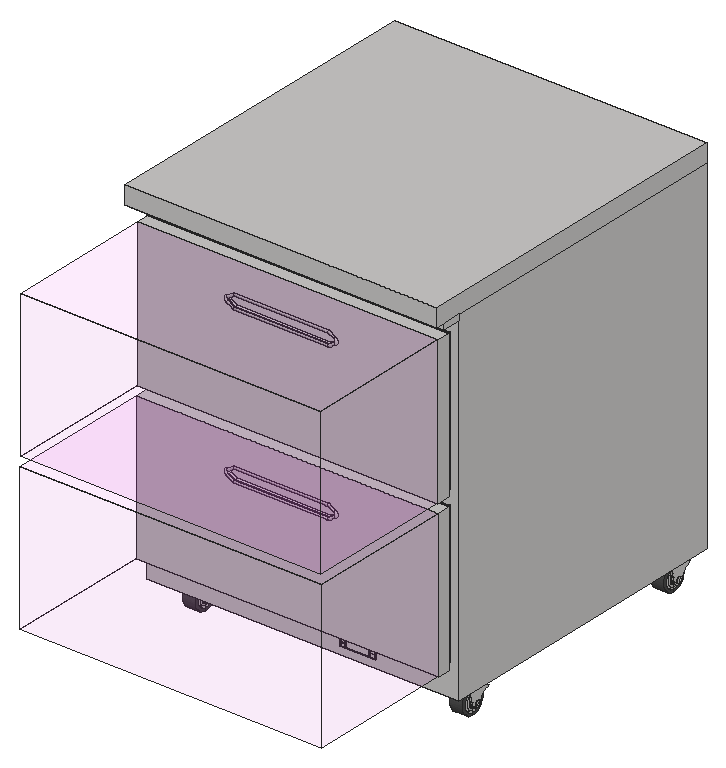
Revit family "QF_Kelvinator_738290_KCHUC27.2DR", category Specialty Equipment, Revit 2021
Family settings
  Round Connector Dimension = Use Diameter
  Part Type = Normal
  Work Plane-Based = No
  Always vertical = Yes
  Cut with Voids When Loaded = No
  Shared = No
  Room Calculation Point = No
Parameters
  Weight in Pounds = 176.37
  Weight = 80.00 lbm
  Watts = 0 W
  Volts = 115 V
  URL Manufacturer = "KELVINATOR"
  URL Cutsheet = ""
  URL = "KELVINATOR"
  Specification by User = ""
  Specification by Manufacturer = ""
  Serial Number = ""
  Seismic Rating = ""
  SMACNA No = ""
  Revision Code = ""
  Refrigerant Type = "R600a"
  Phase = 1
  Number of Poles = 1
  NAFEM Spec ID Number = ""
  Model = "KCHUC27.2DR"
  Min Ckt Ampacity = 0 A
  Max Overcurrent Protection = 0 A
  Masterspec = ""
  Manufacturer = "Kelvinator"
  Length Actual = 705"
  Length = 27 3/4"
  Item Number = "738290"
  Installed By = ""
  Identify Quantity as Lot = yes
  Height Actual = 902"
  Height = 35 1/2"
  HP = "0.2 HP"
  Gas KW = 0
  Furnished By = ""
  Foodservice Equipment Identifier = yes
  FL Amps = 1.5 A
  Electrical Remarks = ""
  Electric Connection Type = ""
  Elec Conn RI Height = 0"
  Elec Conn Connection Height = 0"
  Description = "2-DRAWER REFRIGERATED UNDER COUNTER 27\" LONG"
  Depth Actual = 760"
  Depth = 29 15/16"
  Default Elevation = 0"
  Cycle = 60 Hz
  Conn Plug = "5-15P"
  Conn Conduit = yes
  CSI MasterFormat = ""
  Apparent Power = 0 VA
  Accessory = no
Reference planes (in)
  plane 1 "BACK": y = 0
  plane 2: z = 0
  plane 3 "LEFT": x = 0
  plane 4 "RIGHT": x = 27.75
  plane 5 "FRONT": y = -29.9375
  plane 6 "TOP": z = 35.5
  plane 7 "Center Y": x = 13.875
  plane 8 "Center X": y = -14.96875
Dimensions and locks (in)
  equal spacing: plane 3 "LEFT", plane 7 "Center Y", plane 4 "RIGHT"
  "Length": plane 3 "LEFT" to plane 4 "RIGHT"
  equal spacing: plane 5 "FRONT", plane 8 "Center X", plane 1 "BACK"
  "Depth": plane 5 "FRONT" to plane 1 "BACK"
  "Height": plane 6 "TOP" to level
  aligned and locked: level to plane 2
Nested families (in)
  nested 1: "KCHST.0001" at (0, 0, 0), type "KCHST.0001"
    with Show Clearance yes
Connectors (in)
  electrical at (13.85, -0.87772, 2.33081), driven by "Volts", driven by "Watts"
    settings: on nested 1, index 1, voltage 115 V, apparent load 0 VA, apparent load phase1 0 VA, apparent load phase2 0 VA, apparent load phase3 0 VA, power factor 1, load classification "Other", number of poles 1, system type 30, power factor state 1, is connector primary yes, connector utility no, sub classification motor no, connector description ""
Definition of nested family "KCHST.0001"
  Parameters (values of type "KCHST.0001")
    Weight in Pounds = 0
    URL Cutsheet = ""
    Specification by User = ""
    Specification by Manufacturer = ""
    Show Clearance [instance] = yes
    Serial Number = ""
    Seismic Rating = ""
    SMACNA No = ""
    Revision Code = ""
    NAFEM Spec ID Number = ""
    Masterspec = ""
    Length = 27 3/4"
    Item Number = ""
    Installed By = ""
    Identify Quantity as Lot = yes
    Height = 35 1/2"
    Furnished By = ""
    Foodservice Equipment Identifier = yes
    Depth = 29 15/16"
    Default Elevation = 0"
    CSI MasterFormat = ""
  Reference planes (in)
    plane 1 "BACK": y = 0
    plane 2: z = 0
    plane 3 "LEFT": x = 0
    plane 4 "RIGHT": x = 27.75
    plane 5 "FRONT": y = -29.9375
    plane 6 "TOP": z = 35.5
    plane 7 "Center Y": x = 13.875
    plane 8 "Center X": y = -14.96875
    plane 9: z = 3.112
    plane 10: z = 33.912
    plane 11: y = -56
    plane 12: y = -29.2
    plane 13: z = 32.4
    plane 14: z = 5.6
    plane 15: y = -27.5
    plane 16: x = 25.75
    plane 17: x = 2
    plane 18: x = 27.25
    plane 19: x = 0.5
    plane 20: z = 19.4
    plane 21: z = 18.6
    plane 22: z = 19.6
  Forms (in)
    Extrusion 1, solid
      sketch origin (0, 0, 0) x (0, 1, 0) y (0, 0, 1)
        loop
          line (-27.5, 33.912) -> (-27.5, 3.112) -> (0, 3.112) -> (0, 33.912) -> (-27.5, 33.912)
      from 0 to 27.75
    Extrusion 2, solid
      sketch origin (0, 0, 0) x (0, 1, 0) y (0, 0, 1)
        loop
          line (-29.9375, 35.5) -> (-29.9375, 33.912) -> (0, 33.912) -> (0, 35.5) -> (-29.9375, 35.5)
      from 0 to 27.75
    Extrusion 3, solid
      sketch origin (0, 0, 0) x (0, 1, 0) y (0, 0, 1)
        loop
          line (-29.2, 33.912) -> (-29.2, 33.412) -> (-27.5, 33.412) -> (-27.5, 33.912) -> (-29.2, 33.912)
      from 0 to 27.75
    Extrusion 4, solid
      sketch origin (13.875, 6.90541, 48) x (0, 1, 0) y (0, 0, 1)
        loop
          line (-36.10541, -15.6) -> (-36.10541, -28.6) -> (-34.95211, -28.6) -> (-34.95211, -15.6) -> (-36.10541, -15.6)
      from 13.375 to -13.375
    Extrusion 5, solid
      sketch origin (0, 0, 0) x (0, 1, 0) y (0, 0, 1)
        loop
          line (-28.04671, 32.20449) -> (-28.04671, 19.6) -> (-27.79671, 19.6) -> (-27.79671, 32.20449) -> (-28.04671, 32.20449)
      from 0.74536 to 26.90213
    Extrusion 6, solid
      sketch origin (0, 0.25, 0) x (0, 1, 0) y (0, 0, 1)
        loop
          line (-28.04671, 32.20449) -> (-28.04671, 19.6) -> (-27.864, 19.6) -> (-27.864, 32.20449) -> (-28.04671, 32.20449)
      from 0.74536 to 26.90213
    Extrusion 7, solid
      sketch origin (0, 0.4327, 0) x (0, 1, 0) y (0, 0, 1)
        loop
          line (-28.04671, 32.20449) -> (-28.04671, 19.6) -> (-27.9327, 19.6) -> (-27.9327, 32.20449) -> (-28.04671, 32.20449)
      from 0.74536 to 26.90213
    Extrusion 8, solid
      sketch origin (-4.97957, -27.5, -4.77927) x (-1, 0, 0) y (0, 0, 1)
        loop
          line (-22.17533, 9.70772) -> (-25.32493, 9.70772) -> (-25.32493, 8.53862) -> (-22.17533, 8.53862) -> (-22.17533, 9.70772)
        loop
          line (-22.25407, 9.63107) -> (-22.64777, 9.63107) -> (-22.64777, 9.32393) -> (-22.25407, 9.32393) -> (-22.25407, 9.63107)
        loop
          line (-22.25407, 9.28874) -> (-22.64777, 9.28874) -> (-22.64777, 8.9696) -> (-22.25407, 8.9696) -> (-22.25407, 9.28874)
        loop
          line (-22.25407, 8.93441) -> (-22.64777, 8.93441) -> (-22.64777, 8.61527) -> (-22.25407, 8.61527) -> (-22.25407, 8.93441)
        loop
          line (-25.24619, 9.63107) -> (-25.24619, 9.32393) -> (-24.85249, 9.32393) -> (-24.85249, 9.63107) -> (-25.24619, 9.63107)
        loop
          line (-25.24619, 9.28874) -> (-25.24619, 8.9696) -> (-24.85249, 8.9696) -> (-24.85249, 9.28874) -> (-25.24619, 9.28874)
        loop
          line (-25.24619, 8.93441) -> (-25.24619, 8.61527) -> (-24.85249, 8.61527) -> (-24.85249, 8.93441) -> (-25.24619, 8.93441)
        loop
          line (-22.72525, 9.63107) -> (-24.77501, 9.63107) -> (-24.77501, 8.61916) -> (-22.72525, 8.61916) -> (-22.72525, 9.63107)
      from 0.07874 to -0.04602
    Extrusion 9, solid
      sketch origin (-4.97957, -27.54602, -4.77927) x (1, 0, 0) y (0, 0, 1)
        loop
          line (24.85249, 9.63107) -> (24.85249, 9.32393) -> (25.24619, 9.32393) -> (25.24619, 9.63107) -> (24.85249, 9.63107)
        loop
          line (24.85249, 9.28874) -> (24.85249, 8.9696) -> (25.24619, 8.9696) -> (25.24619, 9.28874) -> (24.85249, 9.28874)
        loop
          line (24.85249, 8.93441) -> (24.85249, 8.61527) -> (25.24619, 8.61527) -> (25.24619, 8.93441) -> (24.85249, 8.93441)
        loop
          line (22.64777, 9.63107) -> (22.25407, 9.63107) -> (22.25407, 9.32393) -> (22.64777, 9.32393) -> (22.64777, 9.63107)
        loop
          line (22.64777, 9.28874) -> (22.25407, 9.28874) -> (22.25407, 8.9696) -> (22.64777, 8.9696) -> (22.64777, 9.28874)
        loop
          line (22.64777, 8.93441) -> (22.25407, 8.93441) -> (22.25407, 8.61527) -> (22.64777, 8.61527) -> (22.64777, 8.93441)
      from 0 to -0.07874
    Extrusion 10, solid
      sketch origin (-4.97957, -27.54602, -4.77927) x (1, 0, 0) y (0, 0, 1)
        loop
          line (22.72525, 9.63107) -> (22.72525, 8.61916) -> (24.77501, 8.61916) -> (24.77501, 9.63107) -> (22.72525, 9.63107)
      from 0 to -0.07874
    Extrusion 11, void
      sketch origin (-4.97957, -27.5, -4.77927) x (-1, 0, 0) y (0, 0, 1)
        loop
          line (-22.17533, 9.70772) -> (-25.32493, 9.70772) -> (-25.32493, 8.53862) -> (-22.17533, 8.53862) -> (-22.17533, 9.70772)
      from 0 to 0.07874
    Extrusion 12, void
      sketch origin (-15.80943, -29.19996, 31.5181) x (0, 0, 1) y (1, 0, 0)
        loop
          line (-1.94791, 24.94068) -> (-1.94791, 33.29068) -> (-2.28604, 33.83168)
          arc (-2.28604, 33.83168) -> (-2.38541, 33.88676) -> (-2.48479, 33.83168) r 0.11719
          line (-2.48479, 33.83168) -> (-2.82291, 33.29068) -> (-2.82291, 24.94068) -> (-2.48621, 24.40196)
          arc (-2.48621, 24.40196) -> (-2.38541, 24.34609) -> (-2.28462, 24.40196) r 0.11887
          line (-2.28462, 24.40196) -> (-1.94791, 24.94068)
      from 0 to 0.31887
    Sweep 13, solid
      path origin (-15.80943, -26.39996, 31.5181) x (0, 0, -1) y (1, 0, 0)
        loop
          line (2.82291, 33.29068) -> (2.48479, 33.83168)
          arc (2.48479, 33.83168) -> (2.38541, 33.88676) -> (2.28604, 33.83168) r 0.11719
          line (2.28604, 33.83168) -> (1.94791, 33.29068) -> (1.94791, 24.94068) -> (2.28462, 24.40196)
          arc (2.28462, 24.40196) -> (2.38541, 24.34609) -> (2.48621, 24.40196) r 0.11887
          line (2.48621, 24.40196) -> (2.82291, 24.94068) -> (2.82291, 33.29068)
      profile origin (13.30625, -26.39996, 28.69519) x (0, 0, -1) y (0, -1, 0)
        loop
          line (0, 2.8) -> (0.25, 2.8)
          arc (0.25, 2.8) -> (0.125, 2.85269) -> (0, 2.8) r 0.17461
    Extrusion 14, solid
      sketch origin (0.56875, 0, 3.112) x (-1, 0, 0) y (0, 1, 0)
        loop
          circle (-13.28125, -0.87772) r 0.25
      from 0 to 0.78119
    Extrusion 15, solid
      sketch origin (13.875, 6.90541, 34.2) x (0, 1, 0) y (0, 0, 1)
        loop
          line (-36.10541, -15.6) -> (-36.10541, -28.6) -> (-34.95211, -28.6) -> (-34.95211, -15.6) -> (-36.10541, -15.6)
      from 13.4 to -13.4
    Extrusion 16, solid
      sketch origin (0, 0, -13.8) x (0, 1, 0) y (0, 0, 1)
        loop
          line (-28.04671, 32.20449) -> (-28.04671, 19.6) -> (-27.79671, 19.6) -> (-27.79671, 32.20449) -> (-28.04671, 32.20449)
      from 0.74536 to 26.90213
    Extrusion 17, solid
      sketch origin (0, 0.25, -13.8) x (0, 1, 0) y (0, 0, 1)
        loop
          line (-28.04671, 32.20449) -> (-28.04671, 19.6) -> (-27.864, 19.6) -> (-27.864, 32.20449) -> (-28.04671, 32.20449)
      from 0.74536 to 26.90213
    Extrusion 18, solid
      sketch origin (0, 0.4327, -13.8) x (0, 1, 0) y (0, 0, 1)
        loop
          line (-28.04671, 32.20449) -> (-28.04671, 19.6) -> (-27.9327, 19.6) -> (-27.9327, 32.20449) -> (-28.04671, 32.20449)
      from 0.74536 to 26.90213
    Extrusion 19, void
      sketch origin (-15.80943, -29.19996, 17.7181) x (0, 0, 1) y (1, 0, 0)
        loop
          line (-1.94791, 24.94068) -> (-1.94791, 33.29068) -> (-2.28604, 33.83168)
          arc (-2.28604, 33.83168) -> (-2.38541, 33.88676) -> (-2.48479, 33.83168) r 0.11719
          line (-2.48479, 33.83168) -> (-2.82291, 33.29068) -> (-2.82291, 24.94068) -> (-2.48621, 24.40196)
          arc (-2.48621, 24.40196) -> (-2.38541, 24.34609) -> (-2.28462, 24.40196) r 0.11887
          line (-2.28462, 24.40196) -> (-1.94791, 24.94068)
      from 0 to 0.31887
    Sweep 20, solid
      path origin (-15.80943, -26.39996, 17.7181) x (0, 0, -1) y (1, 0, 0)
        loop
          line (2.82291, 33.29068) -> (2.48479, 33.83168)
          arc (2.48479, 33.83168) -> (2.38541, 33.88676) -> (2.28604, 33.83168) r 0.11719
          line (2.28604, 33.83168) -> (1.94791, 33.29068) -> (1.94791, 24.94068) -> (2.28462, 24.40196)
          arc (2.28462, 24.40196) -> (2.38541, 24.34609) -> (2.48621, 24.40196) r 0.11887
          line (2.48621, 24.40196) -> (2.82291, 24.94068) -> (2.82291, 33.29068)
      profile origin (13.30625, -26.39996, 14.89519) x (0, 0, -1) y (0, -1, 0)
        loop
          line (0, 2.8) -> (0.25, 2.8)
          arc (0.25, 2.8) -> (0.125, 2.85269) -> (0, 2.8) r 0.17461
    Extrusion 21, solid
      sketch origin (0, 9.61225, 19.4) x (1, 0, 0) y (0, -1, 0)
        loop
          line (0.5, 38.81225) -> (27.25, 38.81225) -> (27.25, 51.81225) -> (0.5, 51.81225) -> (0.5, 38.81225)
      from 0 to -13
    Extrusion 22, solid
      sketch origin (13.875, -29.2, 18.6) x (0, 1, 0) y (-1, 0, 0)
        loop
          line (0, 13.4) -> (-13, 13.4) -> (-13, -13.4) -> (0, -13.4) -> (0, 13.4)
      from 0 to -13
  Cuts and joins
    Extrusion 11 cuts Extrusion 8
    Extrusion 12, Extrusion 19 cuts Extrusion 4
    Extrusion 19 cuts Extrusion 15
  Lines and regions (in)
    symbolic lines
      curve 1: line (27.75, -29.9375, 0) -> (27.75, 0, 0)
      curve 2: line (27.75, 0, 0) -> (0, 0, 0)
      curve 3: line (0, 0, 0) -> (0, -29.9375, 0)
      curve 4: line (0, -29.9375, 0) -> (27.75, -29.9375, 0)
    symbolic lines, visible <- "Show Clearance"
      curve 5: line (0.5, -42.2, 0) -> (27.25, -42.2, 0)
      curve 6: line (27.25, -42.2, 0) -> (27.25, -29.9375, 0)
      curve 7: line (0.5, -42.2, 0) -> (0.5, -29.9375, 0)
  Dimensions and locks (in)
    equal spacing: plane 3 "LEFT", plane 7 "Center Y", plane 4 "RIGHT"
    "Length": plane 3 "LEFT" to plane 4 "RIGHT"
    equal spacing: plane 5 "FRONT", plane 8 "Center X", plane 1 "BACK"
    "Depth": plane 5 "FRONT" to plane 1 "BACK"
    "Height": plane 6 "TOP" to level
    plane 11 to plane 1 "BACK" = 56"
    locked: plane 4 "RIGHT" to plane 16 at 2
    locked: plane 3 "LEFT" to plane 17 at 2
    locked: plane 19 to plane 3 "LEFT" at 0.5
    locked: plane 18 to plane 4 "RIGHT" at 0.5
    plane 3 "LEFT" to plane 4 "RIGHT" = 27 3/4"
    plane 9 to plane 6 "TOP" = 32.388"
    level to plane 9 = 3.112"
    plane 10 to plane 9 = 30.8"
    plane 5 "FRONT" to plane 1 "BACK" = 29 15/16"
    plane 20 to plane 13 = 13"
    plane 14 to plane 21 = 13"
    aligned and locked: level to plane 2
    aligned and locked: plane 16 to nested 1
    aligned and locked: nested 2 to plane 17
    aligned and locked: Extrusion 1 to plane 4 "RIGHT"
    aligned and locked: plane 4 "RIGHT" to Extrusion 1
    aligned and locked: Extrusion 3 to plane 4 "RIGHT"
    aligned and locked: Extrusion 2 to plane 4 "RIGHT"
    aligned and locked: plane 18 to cut or joined group of Extrusion 4, Extrusion 12, Extrusion 19
    aligned and locked: cut or joined group of Extrusion 4, Extrusion 12, Extrusion 19 to plane 19
    aligned and locked: plane 16 to nested 3
  Automatic sketch dimensions
    curve 3 to plane 3 "LEFT" = 0"
    plane 5 "FRONT" to curve 7 = 0"
    curve 7 to plane 19 = 0"
    curve 6 to plane 18 = 0"
    plane 1 "BACK" to curve 1 = 0"
    curve 1 to plane 4 "RIGHT" = 0"
    plane 5 "FRONT" to curve 6 = 12.2625"
    plane 9 to Extrusion 1 sketch curve = 0"
    Extrusion 1 sketch curve to plane 15 = 0"
    Extrusion 1 sketch curve to plane 1 "BACK" = 0"
    Extrusion 1 sketch curve to plane 10 = 0"
    Extrusion 2 sketch curve to plane 5 "FRONT" = 0"
    Extrusion 2 sketch curve to plane 1 "BACK" = 0"
    Extrusion 2 sketch curve to plane 10 = 0"
    Extrusion 2 sketch curve to plane 6 "TOP" = 0"
    Extrusion 3 sketch curve to plane 10 = 0"
    Extrusion 3 sketch curve to plane 12 = 0"
    Extrusion 3 sketch curve to plane 15 = 0"
    Extrusion 3 sketch curve to Extrusion 3 sketch curve = 1/2"
    Extrusion 4 sketch curve to plane 12 = 0"
    plane 20 to Extrusion 4 sketch curve = 0"
    plane 13 to Extrusion 4 sketch curve = 0"
    Extrusion 4 sketch curve to plane 15 = 0.54671"
    Extrusion 5 sketch curve to plane 22 = 0"
    Extrusion 5 sketch curve to plane 15 = 0.54671"
    Extrusion 5 sketch curve to Extrusion 5 sketch curve = 1/4"
    plane 13 to Extrusion 5 sketch curve = 0.19551"
    Extrusion 6 sketch curve to plane 22 = 0"
    Extrusion 6 sketch curve to plane 15 = 0.29671"
    Extrusion 6 sketch curve to plane 15 = 0.114"
    plane 13 to Extrusion 6 sketch curve = 0.19551"
    Extrusion 7 sketch curve to plane 22 = 0"
    Extrusion 7 sketch curve to plane 15 = 0"
    Extrusion 7 sketch curve to Extrusion 7 sketch curve = 0.114"
    plane 13 to Extrusion 7 sketch curve = 0.19551"
    plane 14 to Extrusion 8 sketch curve = 0.67154"
    Extrusion 8 sketch curve to plane 16 = 5.40464"
    Extrusion 8 sketch curve to Extrusion 8 sketch curve = 0.07874"  (x3)
    Extrusion 8 sketch curve to Extrusion 8 sketch curve = 0"  (x7)
    Extrusion 8 sketch curve to Extrusion 8 sketch curve = 0.3937"  (x2)
    Extrusion 8 sketch curve to Extrusion 8 sketch curve = 0.07748"  (x3)
    Extrusion 8 sketch curve to plane 9 = 0.72789"
    Extrusion 8 sketch curve to Extrusion 8 sketch curve = 2.04976"
    Extrusion 8 sketch curve to Extrusion 8 sketch curve = 1/256"  (x2)
    Extrusion 8 sketch curve to Extrusion 8 sketch curve = 0.07665"  (x3)
    Extrusion 8 sketch curve to Extrusion 8 sketch curve = 0.31914"  (x4)
    Extrusion 8 sketch curve to Extrusion 8 sketch curve = 0.03519"  (x4)
    Extrusion 8 to Extrusion 9 sketch curve = 0"  (x10)
    Extrusion 9 sketch curve to Extrusion 8 = 0"  (x14)
    Extrusion 10 sketch curve to Extrusion 8 = 0"  (x3)
    Extrusion 8 to Extrusion 10 sketch curve = 0"
    plane 14 to Extrusion 11 sketch curve = 0.67154"
    Extrusion 11 sketch curve to plane 16 = 5.40464"
    Extrusion 11 sketch curve to plane 9 = 0.64735"
    Extrusion 11 sketch curve to Extrusion 11 sketch curve = 3.14961"
    plane 13 to Extrusion 12 sketch curve = 3.70481"
    Extrusion 12 sketch curve to Extrusion 12 sketch curve = 0.3367"
    Extrusion 12 sketch curve to Extrusion 12 sketch curve = 0.33813"  (x2)
    Extrusion 12 sketch curve to Extrusion 12 sketch curve = 0.09937"  (x2)
    Extrusion 12 sketch curve to Extrusion 12 sketch curve = 0.1008"  (x2)
    Extrusion 12 sketch curve to plane 7 "Center Y" = 5.28247"
    Extrusion 12 sketch curve to Extrusion 12 sketch curve = 0.063"
    Extrusion 12 sketch curve to Extrusion 12 sketch curve = 0.53872"  (x2)
    plane 7 "Center Y" to Extrusion 12 sketch curve = 3.60625"
    Extrusion 12 sketch curve to Extrusion 12 sketch curve = 0"
    Extrusion 12 sketch curve to Extrusion 12 sketch curve = 0.47889"
    Extrusion 12 sketch curve to Extrusion 12 sketch curve = 0.06211"
    plane 13 to Sweep 13 sketch curve = 2.82981"
    Sweep 13 sketch curve to Sweep 13 sketch curve = 0.3367"
    Sweep 13 sketch curve to Sweep 13 sketch curve = 0.33813"  (x2)
    Sweep 13 sketch curve to Sweep 13 sketch curve = 0.09937"  (x2)
    Sweep 13 sketch curve to Sweep 13 sketch curve = 0.1008"  (x2)
    Sweep 13 sketch curve to plane 7 "Center Y" = 5.28247"
    Sweep 13 sketch curve to Sweep 13 sketch curve = 0.063"
    Sweep 13 sketch curve to Sweep 13 sketch curve = 0.53872"  (x2)
    plane 7 "Center Y" to Sweep 13 sketch curve = 3.60625"
    Sweep 13 sketch curve to Sweep 13 sketch curve = 0"
    Sweep 13 sketch curve to Sweep 13 sketch curve = 0.47889"
    Sweep 13 sketch curve to Sweep 13 sketch curve = 0.06211"
    Sweep 13 sketch curve to profile plane = 0"
    Sweep 13 sketch curve to profile plane = 1/8"
    profile plane to Sweep 13 sketch curve = 2.67809"
    Sweep 13 sketch curve to Sweep 13 sketch curve = 0.12191"
    Extrusion 1 to Extrusion 14 sketch curve = 0.87772"
    Extrusion 14 sketch curve to Extrusion 1 = 13.9"
    Extrusion 15 sketch curve to plane 12 = 0"
    plane 14 to Extrusion 15 sketch curve = 0"
    plane 21 to Extrusion 15 sketch curve = 0"
    Extrusion 15 sketch curve to plane 15 = 0.54671"
    Extrusion 16 sketch curve to plane 14 = 0.2"
    Extrusion 16 sketch curve to plane 15 = 0.54671"
    Extrusion 16 sketch curve to Extrusion 16 sketch curve = 1/4"
    plane 21 to Extrusion 16 sketch curve = 0.19551"
    Extrusion 17 sketch curve to plane 15 = 0.29671"
    Extrusion 17 sketch curve to plane 15 = 0.114"
    Extrusion 17 sketch curve to plane 14 = 0.2"
    plane 21 to Extrusion 17 sketch curve = 0.19551"
    Extrusion 18 sketch curve to plane 15 = 0"
    Extrusion 18 sketch curve to Extrusion 18 sketch curve = 0.114"
    Extrusion 18 sketch curve to plane 14 = 0.2"
    plane 21 to Extrusion 18 sketch curve = 0.19551"
    plane 21 to Extrusion 19 sketch curve = 3.70481"
    Extrusion 19 sketch curve to Extrusion 19 sketch curve = 0.3367"
    Extrusion 19 sketch curve to Extrusion 19 sketch curve = 0.33813"  (x2)
    Extrusion 19 sketch curve to Extrusion 19 sketch curve = 0.09937"  (x2)
    Extrusion 19 sketch curve to Extrusion 19 sketch curve = 0.1008"  (x2)
    Extrusion 19 sketch curve to plane 7 "Center Y" = 5.28247"
    Extrusion 19 sketch curve to Extrusion 19 sketch curve = 0.063"
    Extrusion 19 sketch curve to Extrusion 19 sketch curve = 0.53872"  (x2)
    plane 7 "Center Y" to Extrusion 19 sketch curve = 3.60625"
    Extrusion 19 sketch curve to Extrusion 19 sketch curve = 0"
    Extrusion 19 sketch curve to Extrusion 19 sketch curve = 0.47889"
    Extrusion 19 sketch curve to Extrusion 19 sketch curve = 0.06211"
    plane 21 to Sweep 20 sketch curve = 2.82981"
    Sweep 20 sketch curve to Sweep 20 sketch curve = 0.3367"
    Sweep 20 sketch curve to Sweep 20 sketch curve = 0.33813"  (x2)
    Sweep 20 sketch curve to Sweep 20 sketch curve = 0.09937"  (x2)
    Sweep 20 sketch curve to Sweep 20 sketch curve = 0.1008"  (x2)
    Sweep 20 sketch curve to plane 7 "Center Y" = 5.28247"
    Sweep 20 sketch curve to Sweep 20 sketch curve = 0.063"
    Sweep 20 sketch curve to Sweep 20 sketch curve = 0.53872"  (x2)
    plane 7 "Center Y" to Sweep 20 sketch curve = 3.60625"
    Sweep 20 sketch curve to Sweep 20 sketch curve = 0"
    Sweep 20 sketch curve to Sweep 20 sketch curve = 0.47889"
    Sweep 20 sketch curve to Sweep 20 sketch curve = 0.06211"
    Sweep 20 sketch curve to profile plane = 0"
    Sweep 20 sketch curve to profile plane = 1/8"
    profile plane to Sweep 20 sketch curve = 2.67809"
    Sweep 20 sketch curve to Sweep 20 sketch curve = 0.12191"
    Extrusion 21 sketch curve to plane 19 = 0"
    Extrusion 21 sketch curve to plane 18 = 0"
    Extrusion 21 sketch curve to plane 12 = 0"
    plane 5 "FRONT" to Extrusion 21 sketch curve = 12.2625"
    Extrusion 22 sketch curve to Extrusion 15 = 0"  (x3)
    Extrusion 15 to Extrusion 22 sketch curve = 13"
    radius of Extrusion 14 sketch curve = 1/4"
  Nested families (in)
    nested 1: "3 INCHES 01_CASTER" at (25.75, -24.75, 0), type "3 INCHES 01_CASTER"
      with Type Mark "", Specification by User "", Revision Code "", Item Number "", Installed By "", Identify Quantity as Lot yes, Furnished By "", Foodservice Equipment Identifier yes, 3 Inches Caster yes
    nested 2: "3 INCHES 01_CASTER" at (2, -24.75, 0), type "3 INCHES 01_CASTER"
      with Type Mark "", Specification by User "", Revision Code "", Item Number "", Installed By "", Identify Quantity as Lot yes, Furnished By "", Foodservice Equipment Identifier yes, 3 Inches Caster yes
    nested 3: "3 INCHES 01_CASTER" at (25.75, -2.375, 0), type "3 INCHES 01_CASTER"
      with Type Mark "", Specification by User "", Revision Code "", Item Number "", Installed By "", Identify Quantity as Lot yes, Furnished By "", Foodservice Equipment Identifier yes, 3 Inches Caster yes
    nested 4: "3 INCHES 01_CASTER" at (2, -2.375, 0), type "3 INCHES 01_CASTER"
      with Type Mark "", Specification by User "", Revision Code "", Item Number "", Installed By "", Identify Quantity as Lot yes, Furnished By "", Foodservice Equipment Identifier yes, 3 Inches Caster yes
  Definition of nested family "3 INCHES 01_CASTER"
    Parameters (values of type "3 INCHES 01_CASTER")
      Weight = ""
      URL Manufacturer = ""
      URL Cutsheet = ""
      URL = ""
      Type Mark [instance] = ""
      Specification by User [instance] = ""
      Specification by Manufacturer = ""
      Serial Number = ""
      Seismic Rating = ""
      SMACNA No = ""
      Revision Code [instance] = ""
      Omniclass Number and Title = ""
      NAFEM Spec ID Number = ""
      Model = ""
      MasterSpec. = ""
      Manufacturer = ""
      Item Number [instance] = ""
      Installed By [instance] = ""
      Identify Quantity as Lot [instance] = yes
      Furnished By [instance] = ""
      Foodservice Equipment Identifier [instance] = yes
      Description = ""
      Default Elevation = 0"
      CSI MasterFormat = ""
      CSI Master Format = ""
      Assembly Code = ""
      3 Inches Caster [instance] = yes
    Reference planes (in)
      plane 1: z = 0
      plane 2 "RIGHT": x = 0
      plane 3 "FRONT": y = 0
      plane 4 "TOP": z = 3.1
    Forms (in)
      Revolve 1, solid, visible <- "3 Inches Caster"
        sketch origin (-1.93794, 0.56004, -1.0041) x (1, 0, 0) y (0, 0, 1)
          loop
            line (0.74055, 2.11347) -> (0.74055, 2.03797) -> (0.79055, 1.98797) -> (0.85055, 1.98797) -> (0.85055, 1.8679) -> (1.235, 1.8679) -> (1.235, 1.7068) -> (1.36441, 1.63209) -> (1.4003, 1.41035) -> (1.34375, 1.41035) -> (1.34375, 1.28535) -> (1.375, 1.28535) -> (1.375, 1.0041) -> (2.48438, 1.0041) -> (2.48438, 1.28535) -> (2.51563, 1.28535) -> (2.51563, 1.41035) -> (2.45908, 1.41035) -> (2.49553, 1.6356) -> (2.62438, 1.70999) -> (2.62438, 1.8679) -> (3.04007, 1.8679) -> (3.04007, 1.98797) -> (3.10007, 1.98797) -> (3.15007, 2.03797) -> (3.15007, 2.11347) -> (0.74055, 2.11347)
          axis (0.74055, 2.11347) -> (3.15007, 2.11347)
        angle from 0 to 360
      Extrusion 2, solid, visible <- "3 Inches Caster"
        sketch origin (-1.93794, 1.35294, -3.2541) x (0, 1, 0) y (0, 0, 1)
          loop
            line (-0.41094, 5.86793) -> (-0.41094, 6.01276) -> (-2.29494, 6.01276) -> (-2.29494, 5.71244) -> (-1.82301, 5.71244)
            arc (-1.82301, 5.71244) -> (-1.00307, 5.59865) -> (-0.19592, 5.41488) r 9.6332
            arc (-0.19592, 5.41488) -> (0.12646, 5.29481) -> (0.42224, 5.11916) r 1.92059
            line (0.42224, 5.11916) -> (0.51314, 5.245)
            arc (0.51314, 5.245) -> (0.27353, 5.42569) -> (0.01201, 5.5729) r 2.25036
            line (0.01201, 5.5729) -> (0.09371, 5.71426)
            arc (0.09371, 5.71426) -> (-0.15272, 5.81043) -> (-0.41094, 5.86793) r 1.73151
        from 1.17357 to 2.70231
      Revolve 3, solid, visible <- "3 Inches Caster"
        sketch origin (0, 1.73858, -3.25) x (0, 1, 0) y (0, 0, 1)
          loop
            line (-1.73858, 6.35) -> (-1.73858, 6.00866) -> (-0.93293, 6.00866) -> (-0.93293, 6.35) -> (-1.73858, 6.35)
          axis (-1.73858, 6.00866) -> (-1.73858, 6.35)
        angle from 0 to 360
      Extrusion 4, solid, visible <- "3 Inches Caster"
        sketch origin (-1.98481, 1.35294, -1.7541) x (0, 1, 0) y (0, 0, 1)
          loop
            line (-2.29494, 4.51276) -> (-2.29494, 4.21244) -> (-2.2074, 4.21244)
            arc (-2.2074, 4.21244) -> (-1.58796, 3.87196) -> (-1.3103, 3.22193) r 1.0835
            arc (-1.3103, 3.22193) -> (-1.27304, 2.98711) -> (-1.19616, 2.76214) r 1.38462
            arc (-1.19616, 2.76214) -> (-0.77704, 2.49744) -> (-0.37393, 2.78593) r 0.44401
            arc (-0.37393, 2.78593) -> (-0.35491, 2.84407) -> (-0.34077, 2.90358) r 0.74034
            arc (-0.34077, 2.90358) -> (-0.07302, 3.38916) -> (0.4279, 3.62699) r 0.90376
            line (0.4279, 3.62699) -> (0.51314, 3.745)
            arc (0.51314, 3.745) -> (0.27353, 3.92569) -> (0.01201, 4.0729) r 2.25036
            line (0.01201, 4.0729) -> (0.09371, 4.21426)
            arc (0.09371, 4.21426) -> (-0.15272, 4.31043) -> (-0.41094, 4.36793) r 1.73151
            line (-0.41094, 4.36793) -> (-0.41094, 4.51276) -> (-2.29494, 4.51276)
        from 2.74918 to 2.90825
      Extrusion 5, solid, visible <- "3 Inches Caster"
        sketch origin (1.98481, 1.35294, -1.7541) x (0, 1, 0) y (0, 0, -1)
          loop
            line (-2.29494, -4.51276) -> (-0.41094, -4.51276) -> (-0.41094, -4.36793)
            arc (-0.41094, -4.36793) -> (-0.15272, -4.31043) -> (0.09371, -4.21426) r 1.73151
            line (0.09371, -4.21426) -> (0.01201, -4.0729)
            arc (0.01201, -4.0729) -> (0.27353, -3.92569) -> (0.51314, -3.745) r 2.25036
            line (0.51314, -3.745) -> (0.4279, -3.62699)
            arc (0.4279, -3.62699) -> (-0.07302, -3.38916) -> (-0.34077, -2.90358) r 0.90376
            arc (-0.34077, -2.90358) -> (-0.35491, -2.84407) -> (-0.37393, -2.78593) r 0.74034
            arc (-0.37393, -2.78593) -> (-0.77704, -2.49744) -> (-1.19616, -2.76214) r 0.44401
            arc (-1.19616, -2.76214) -> (-1.27304, -2.98711) -> (-1.3103, -3.22193) r 1.38462
            arc (-1.3103, -3.22193) -> (-1.58796, -3.87196) -> (-2.2074, -4.21244) r 1.0835
            line (-2.2074, -4.21244) -> (-2.29494, -4.21244) -> (-2.29494, -4.51276)
        from 2.74918 to 2.90825
    Cuts and joins
      joined: Extrusion 2, Extrusion 4, Extrusion 5
    Lines and regions (in)
      symbolic lines, visible <- "3 Inches Caster"
        curve 1: line (0.1877, 1.65194, 0) -> (0.89063, 1.2461, 0)
        curve 2: line (-1.00175, -0.40823, 0) -> (0.1877, 1.65194, 0)
        curve 3: line (-0.29881, -0.81407, 0) -> (-1.00175, -0.40823, 0)
        curve 4: line (0.89063, 1.2461, 0) -> (-0.29881, -0.81407, 0)
    Dimensions and locks (in)
      plane 4 "TOP" to level = 3.1"  (x2)
      aligned and locked: level to plane 1
